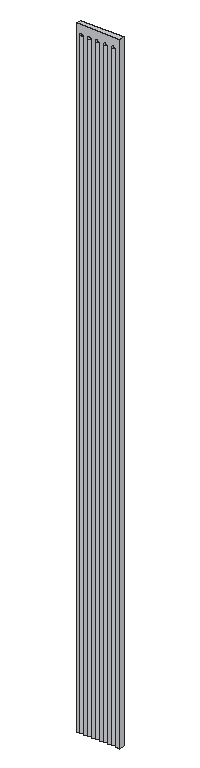
Revit family "OracDecor_K200", category Обобщенные модели, Revit 2019
Family settings
  Может служить основой для арматурных стержней = Нет
  Размер круглого соединителя = Использовать диаметр
  Тип детали = Нормальный
  На основе рабочей плоскости = Нет
  Всегда вертикально = Да
  При загрузке вырезать с полостями = Нет
  Общий = Нет
  Точка расчета площади = Нет
Parameters
  Изготовитель = "Family from POCHERTEAM"  # constant formula
  URL = "t.me/pocherteam"
Reference planes
  plane 1 "По центру (Вперед/Назад)": y = 0
  plane 2: z = 0
  plane 3 "По центру (Влево/Вправо)": x = 0
Forms (mm)
  Extrusion 1, solid
    sketch origin (0, 0, 0) x (1, 0, 0) y (0, 1, 0)
      loop
        line (0, 0) -> (0, -19) -> (136, -19) -> (136, 0) -> (0, 0)
    from 0 to 2000
  Extrusion 2, void
    sketch origin (0, 0, 0) x (1, 0, 0) y (0, 1, 0)
      loop
        line (10, -19) -> (24.156, -19)
        arc (24.156, -19) -> (17.078, -14.072) -> (10, -19) r 7.547
      loop
        line (35.156, -19) -> (49.312, -19)
        arc (49.312, -19) -> (42.234, -14.072) -> (35.156, -19) r 7.547
      loop
        arc (74.469, -19) -> (67.391, -14.072) -> (60.313, -19) r 7.547
        line (60.313, -19) -> (74.469, -19)
      loop
        arc (124.781, -19) -> (117.703, -14.072) -> (110.625, -19) r 7.547
        line (110.625, -19) -> (124.781, -19)
      loop
        line (85.469, -19) -> (99.625, -19)
        arc (99.625, -19) -> (92.547, -14.072) -> (85.469, -19) r 7.547
    from 0 to 1969
  Revolve 3, void
    sketch origin (0, 0, 1969) x (1, 0, 0) y (0, 1, 0)
      loop
        line (10, -19) -> (17.078, -19) -> (17.078, -14.072)
        arc (17.078, -14.072) -> (12.766, -15.425) -> (10, -19) r 7.547
      axis (17.078, -14.072) -> (17.078, -19)
    angle from 0 to 360
  Revolve 4, void
    sketch origin (25.156, 0, 1969) x (1, 0, 0) y (0, 1, 0)
      loop
        line (10, -19) -> (17.078, -19) -> (17.078, -14.072)
        arc (17.078, -14.072) -> (12.766, -15.425) -> (10, -19) r 7.547
      axis (17.078, -14.072) -> (17.078, -19)
    angle from 0 to 360
  Revolve 5, void
    sketch origin (50.313, 0, 1969) x (1, 0, 0) y (0, 1, 0)
      loop
        line (10, -19) -> (17.078, -19) -> (17.078, -14.072)
        arc (17.078, -14.072) -> (12.766, -15.425) -> (10, -19) r 7.547
      axis (17.078, -14.072) -> (17.078, -19)
    angle from 0 to 360
  Revolve 6, void
    sketch origin (75.469, 0, 1969) x (1, 0, 0) y (0, 1, 0)
      loop
        line (10, -19) -> (17.078, -19) -> (17.078, -14.072)
        arc (17.078, -14.072) -> (12.766, -15.425) -> (10, -19) r 7.547
      axis (17.078, -14.072) -> (17.078, -19)
    angle from 0 to 360
  Revolve 7, void
    sketch origin (100.625, 0, 1969) x (1, 0, 0) y (0, 1, 0)
      loop
        line (10, -19) -> (17.078, -19) -> (17.078, -14.072)
        arc (17.078, -14.072) -> (12.766, -15.425) -> (10, -19) r 7.547
      axis (17.078, -14.072) -> (17.078, -19)
    angle from 0 to 360
Cuts and joins
  Extrusion 2, Revolve 3, Revolve 4, Revolve 5, Revolve 6, Revolve 7 cuts Extrusion 1
Dimensions and locks
  cut or joined group of Extrusion 1, Extrusion 2, Revolve 3, Revolve 4, Revolve 5, Revolve 6, Revolve 7 to level = 2000 mm
  cut or joined group of Extrusion 1, Extrusion 2, Revolve 3, Revolve 4, Revolve 5, Revolve 6, Revolve 7 to plane 3 "По центру (Влево/Вправо)" = 136 mm
  cut or joined group of Extrusion 1, Extrusion 2, Revolve 3, Revolve 4, Revolve 5, Revolve 6, Revolve 7 to plane 1 "По центру (Вперед/Назад)" = 19 mm
  aligned and locked: level to plane 2
